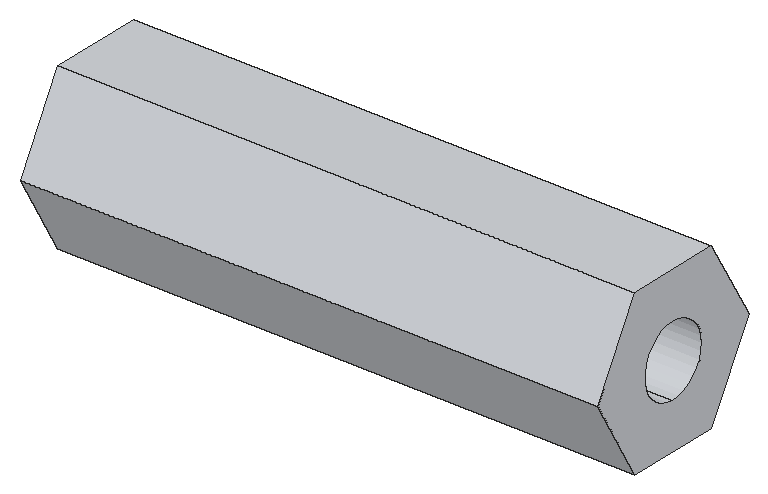
Revit family "TR3014", category Verbindungsmittel, Revit 2021
Family settings
  OmniClass-Nummer = 23.25.10.27.11.21
  OmniClass-Titel = Reinforcement Couplers
  Arbeitsebenenbasiert = Nein
  Immer vertikal = Nein
  Beim Laden mit Abzugskörper schneiden = Nein
  Gemeinsam genutzt = Nein
Parameters (values of type "TR 3014-ø18")
  URL = "http//:www.annahuette.com"
  Typenkommentare = "TR 3014 - Spannmuffe"
  Typenbild = TR3014.png
  TR3014-ød = 18 mm
  TR3014-SW_Vis = [TR3014-SW] = [TR3014-SW]  # yes
  TR3014-SW = 41 mm
  TR3014-L_Vis = [TR3014-L] = [TR3014-L]  # yes
  TR3014-L2 = 45 mm
  TR3014-L1 = 50 mm
  TR3014-L = 145 mm
  Stabgröße 2 = SAS 670 - ø18
  Stabgröße 1 = SAS 670 - ø18
  Modell = "TR 3014"
  Körper = 0.00 kg  # 0,00 kg
  Hersteller = "Stahlwerk Annahütte Max Aicher GmbH Co.KG"
  Gesamtlänge = if([TR3014-L_Vis], [TR3014-L], 0 mm)  # 145 mm
  Endenbearbeitung 2 = Mit Gewinde
  Endenbearbeitung 1 = Mit Gewinde
  Einfassung Stab 2 = [TR3014-L2]  # 45 mm
  Einfassung Stab 1 = [TR3014-L1]  # 50 mm
  Beschreibung = "TR3014-ø18"
  Außendurchmesser = if([TR3014-SW_Vis], [TR3014-SW], 0 mm)  # 41 mm
Types (11, lengths in mm): name | TR3014-ød | TR3014-SW | TR3014-L2 | TR3014-L1 | TR3014-L | Stabgröße 2 | Stabgröße 1 | Körper | Gesamtlänge | Einfassung Stab 2 | Einfassung Stab 1 | Beschreibung | Außendurchmesser
  (no name) | 18 | 41 | 45 | 50 | 145 | SAS 670 - ø18 | SAS 670 - ø18 | (empty or 0) | 145 | 45 | 50 | "TR3014-ø18" | 41
  TR 3014-ø18 | 18 | 41 | 45 | 50 | 145 | SAS 670 - ø18 | SAS 670 - ø18 | 0,00 kg | 145 | 45 | 50 | "TR3014-ø18" | 41
  TR 3014-ø22 | 22 | 46 | 50 | 55 | 160 | SAS 670 - ø22 | SAS 670 - ø22 | 0,00 kg | 160 | 50 | 55 | "TR3014-ø22" | 46
  TR 3014-ø25 | 25 | 55 | 55 | 60 | 175 | SAS 670 - ø25 | SAS 670 - ø25 | 0,00 kg | 175 | 55 | 60 | "TR3014-ø25" | 55
  TR 3014-ø28 | 28 | 50 | 60 | 65 | 190 | SAS 670 - ø28 | SAS 670 - ø28 | 0,00 kg | 190 | 60 | 65 | "TR3014-ø28" | 50
  TR 3014-ø30 | 30 | 65 | 65 | 70 | 215 | SAS 670 - ø30 | SAS 670 - ø30 | 0,00 kg | 215 | 65 | 70 | "TR3014-ø30" | 65
  TR 3014-ø35 | 35 | 80 | 75 | 75 | 230 | SAS 670 - ø35 | SAS 670 - ø35 | 0,00 kg | 230 | 75 | 75 | "TR3014-ø35" | 80
  TR 3014-ø43 | 43 | 90 | 90 | 100 | 280 | SAS 670 - ø43 | SAS 670 - ø43 | 0,00 kg | 280 | 90 | 100 | "TR3014-ø43" | 90
  TR 3014-ø50 | 50 | 100 | 100 | 100 | 300 | SAS 670 - ø50 | SAS 670 - ø50 | 0,00 kg | 300 | 100 | 100 | "TR3014-ø50" | 100
  TR 3014-ø57,5 | 57.5 | 100 | 100 | 125 | 345 | SAS 670 - ø57,5 | SAS 670 - ø57,5 | 0,00 kg | 345 | 100 | 125 | "TR3014-ø57,5" | 100
  TR 3014-ø63,5 | 43 | 100 | 105 | 140 | 365 | SAS 670 - ø63,5 | SAS 670 - ø63,5 | 0,00 kg | 365 | 105 | 140 | "TR3014-ø63,5" | 100
Reference planes
  plane 1: y = 0
  plane 2: z = 0
  plane 3: x = 0
  plane 4: through (-1200, 0, 0) normal (0, -0.866, -0.5)
  plane 5: through (-1200, 0, 0) normal (0, -0.866, 0.5)
Forms (mm)
  Extrusion 1, solid
    sketch origin (0, 0, 0) x (0, 0, 1) y (0, 1, 0)
      loop
        line (-20.5, -11.836) -> (0, -23.671) -> (20.5, -11.836) -> (20.5, 11.836) -> (0, 23.671) -> (-20.5, 11.836) -> (-20.5, -11.836)
      loop
        circle (0, 0) r 9
    from 0 to 145 <- "TR3014-L"
Dimensions and locks
  "TR3014-SW": Extrusion 1 sketch curve to Extrusion 1 sketch curve  (x3)
  "Gesamtlänge": Extrusion 1 to plane 3
  "TR3014-ød": diameter of Extrusion 1 sketch curve
  angle plane 4 to plane 5 = 60.00°
Automatic sketch dimensions
  plane 4 to Extrusion 1 sketch curve = 0 mm  (x2)
  Extrusion 1 sketch curve to plane 5 = 0 mm
  Extrusion 1 sketch curve to level = 0 mm  (x3)
  Extrusion 1 sketch curve to plane 1 = 0 mm
